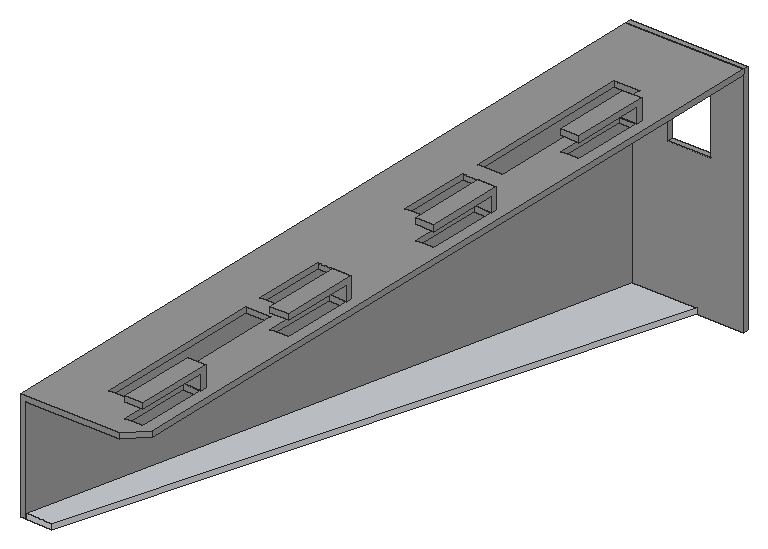
Revit family "MWAG 12 21 A2", category Generic Models, Revit 2017
Family settings
  Can host rebar = No
  Round Connector Dimension = Use Diameter
  Part Type = Normal
  Work Plane-Based = No
  Always vertical = Yes
  Cut with Voids When Loaded = No
  Shared = No
  Room Calculation Point = No
Parameters (values of type "MWAG 12 21 A2")
  URL = "http://www.obo-bettermann.com"
  Material = Edelstahl, rostfrei 1.4301 [117]
  Manufacturer Art.No. = "6424402"
  Manufacturer = "OBO BETTERMANN"
  GTIN = ""
  Cut's number = 4
  Article Type = "MWAG 12 21 A2"
Reference planes
  plane 1 "Center (Front/Back)": y = 0
  plane 2: z = 0
  plane 3 "Center (Left/Right)": x = 0
  plane 4: z = 65.3
  plane 5: y = -1.5
  plane 6: y = -210
  plane 7: z = 34.6
  plane 8: x = 8.8
  plane 9: x = 19.5
  plane 10: z = 59
  plane 11: x = 17.494
  plane 12: y = -197
  plane 13: x = 17.494
  plane 14: y = -145.023
  plane 15: y = -110.023
  plane 16: y = -183
  plane 17: x = 26.994
  plane 18: x = 24.456
  plane 19: x = 29.45
  plane 20: y = -133
  plane 21: y = -83
  plane 22: y = -33
Forms (mm)
  Extrusion 1, solid, material "Edelstahl, rostfrei 1.4301 [117]" <- "Material"
    sketch origin (0, 0, 0) x (1, 0, 0) y (0, 0, 1)
      loop
        line (0, 0) -> (32.494, 0) -> (32.494, 65) -> (0, 65) -> (0, 0)
    from 0 to 1.5
  Extrusion 2, solid, material "Edelstahl, rostfrei 1.4301 [117]" <- "Material"
    sketch origin (0, 0, 0) x (1, 0, 0) y (0, 0, 1)
      loop
        line (0, 65) -> (0, 0) -> (1.5, 0) -> (1.5, 63.5) -> (32.494, 63.5) -> (32.494, 65) -> (0, 65)
    from 1.5 to 210
  Extrusion 3, void
    sketch origin (0, 0, 0) x (0, 1, 0) y (0, 0, 1)
      loop
        line (-210, 34.6) -> (-210, 0) -> (-1.5, 0) -> (-210, 34.6)
    from 0 to 1.5
  Extrusion 4, solid
    sketch origin (0, 0, 0) x (0, 1, 0) y (0, 0, 1)
      loop
        line (-1.5, 0) -> (-1.5, 1.521) -> (-210, 36.121) -> (-210, 34.6) -> (-1.5, 0)
    from 1.5 to 32.494
  Extrusion 5, void
    sketch origin (0, 0, 0) x (1, 0, 0) y (0, 1, 0)
      loop
        line (19.5, -1.5) -> (8.8, -210) -> (32.494, -210) -> (32.494, -1.5) -> (19.5, -1.5)
    from 0 to 36.673
  Extrusion 6, void
    sketch origin (0, 0, 0) x (1, 0, 0) y (0, 0, 1)
      loop
        line (11.494, 59) -> (11.494, 40) -> (23.494, 40) -> (23.494, 59) -> (11.494, 59)
    from 0 to 1.5
  Extrusion 7, void
    sketch origin (0, 0, 0) x (1, 0, 0) y (0, 1, 0)
      loop
        line (13.994, -197) -> (20.994, -197) -> (20.994, -150.023) -> (13.994, -150.023) -> (13.994, -197)
      loop
        line (13.994, -145.023) -> (20.994, -145.023) -> (20.994, -125.023) -> (13.994, -125.023) -> (13.994, -145.023)
      loop
        line (13.994, -23.047) -> (13.994, -70.023) -> (20.994, -70.023) -> (20.994, -23.047) -> (13.994, -23.047)
      loop
        line (13.994, -75.023) -> (13.994, -95.023) -> (20.994, -95.023) -> (20.994, -75.023) -> (13.994, -75.023)
    from 63.5 to 65
  Extrusion 8, solid, material "Edelstahl, rostfrei 1.4301 [117]" <- "Material"
    sketch origin (0, 0, 0) x (0, 1, 0) y (0, 0, 1)
      loop
        line (-183, 65) -> (-183, 70.609) -> (-204.507, 70.609) -> (-204.507, 69.109) -> (-184.519, 69.109) -> (-184.519, 65) -> (-183, 65)
    from 24.456 to 29.45
  Extrusion 9, solid, material "Edelstahl, rostfrei 1.4301 [117]" <- "Material"
    sketch origin (0, 50, 0) x (0, 1, 0) y (0, 0, 1)
      loop
        line (-183, 65) -> (-183, 70.609) -> (-204.507, 70.609) -> (-204.507, 69.109) -> (-184.519, 69.109) -> (-184.519, 65) -> (-183, 65)
    from 24.456 to 29.45
  Extrusion 10, solid, material "Edelstahl, rostfrei 1.4301 [117]" <- "Material"
    sketch origin (0, 100, 0) x (0, 1, 0) y (0, 0, 1)
      loop
        line (-183, 65) -> (-183, 70.609) -> (-204.507, 70.609) -> (-204.507, 69.109) -> (-184.519, 69.109) -> (-184.519, 65) -> (-183, 65)
    from 24.456 to 29.45
  Extrusion 11, solid, material "Edelstahl, rostfrei 1.4301 [117]" <- "Material"
    sketch origin (0, 150, 0) x (0, 1, 0) y (0, 0, 1)
      loop
        line (-183, 65) -> (-183, 70.609) -> (-204.507, 70.609) -> (-204.507, 69.109) -> (-184.519, 69.109) -> (-184.519, 65) -> (-183, 65)
    from 24.456 to 29.45
  Extrusion 12, void
    sketch origin (0, 0, 0) x (1, 0, 0) y (0, 1, 0)
      loop
        line (24.456, -184.519) -> (24.456, -204.507) -> (29.45, -204.507) -> (29.45, -184.519) -> (24.456, -184.519)
    from 63.5 to 65
  Extrusion 13, void
    sketch origin (0, 50, 0) x (1, 0, 0) y (0, 1, 0)
      loop
        line (24.456, -184.519) -> (24.456, -204.507) -> (29.45, -204.507) -> (29.45, -184.519) -> (24.456, -184.519)
    from 63.5 to 65
  Extrusion 14, void
    sketch origin (0, 100, 0) x (1, 0, 0) y (0, 1, 0)
      loop
        line (24.456, -184.519) -> (24.456, -204.507) -> (29.45, -204.507) -> (29.45, -184.519) -> (24.456, -184.519)
    from 63.5 to 65
  Extrusion 15, void
    sketch origin (0, 150, 0) x (1, 0, 0) y (0, 1, 0)
      loop
        line (24.456, -184.519) -> (24.456, -204.507) -> (29.45, -204.507) -> (29.45, -184.519) -> (24.456, -184.519)
    from 63.5 to 65
  Extrusion 16, void
    sketch origin (0, 0, 0) x (1, 0, 0) y (0, 1, 0)
      loop
        line (32.494, -210) -> (32.494, -205) -> (27.494, -210) -> (32.494, -210)
    from 63.5 to 65
Cuts and joins
  Extrusion 3, Extrusion 5, Extrusion 7, Extrusion 12, Extrusion 13, Extrusion 14, Extrusion 15, Extrusion 16 cuts Extrusion 2
  Extrusion 5, Extrusion 6 cuts Extrusion 1
  Extrusion 5, Extrusion 7 cuts Extrusion 4
  Extrusion 12 cuts Extrusion 8
Dimensions and locks
  locked: plane 4 to level at 65.3
  locked: plane 1 "Center (Front/Back)" to Extrusion 1 at 1.5
  locked: Extrusion 1 to Extrusion 2 sketch curve at 1.5  (x2)
  Extrusion 1 to Extrusion 1 = 32.494 mm
  Extrusion 1 to Extrusion 1 = 65 mm
  locked: plane 1 "Center (Front/Back)" to plane 6 at 210
  locked: Extrusion 2 to plane 7 at 30.4
  locked: cut or joined group 1 (Extrusion 2, Extrusion 3, Extrusion 5, Extrusion 7, Extrusion 12, Extrusion 13, Extrusion 14, Extrusion 15, Extrusion 16) to plane 8 at 8.8
  locked: plane 3 "Center (Left/Right)" to plane 9 at 19.5
  locked: cut or joined group 1 to plane 10 at 6
  locked: cut or joined group of Extrusion 1, Extrusion 5, Extrusion 6 to plane 11 at 15
  locked: Extrusion 6 sketch curve to Extrusion 6 sketch curve at 19
  Extrusion 6 sketch curve to Extrusion 6 sketch curve = 12 mm
  locked: Extrusion 6 sketch curve to Extrusion 6 sketch curve at 12
  locked: plane 11 to Extrusion 6 sketch curve at 6
  locked: plane 13 to cut or joined group 1 at 15
  locked: Extrusion 7 sketch curve to Extrusion 7 sketch curve at 7  (x4)
  locked: Extrusion 7 sketch curve to plane 13 at 3.5
  locked: Extrusion 7 sketch curve to Extrusion 7 sketch curve at 46.977  (x2)
  locked: Extrusion 7 sketch curve to Extrusion 7 sketch curve at 20  (x2)
  locked: Extrusion 7 sketch curve to plane 14 at 20
  plane 15 to Extrusion 7 sketch curve = 15 mm
  locked: plane 15 to Extrusion 7 sketch curve at 15
  locked: Extrusion 8 sketch curve to Extrusion 8 sketch curve at 21.507
  locked: plane 17 to cut or joined group 1 at 5.5
  locked: Extrusion 9 sketch curve to Extrusion 9 sketch curve at 21.507
  locked: Extrusion 10 sketch curve to Extrusion 10 sketch curve at 21.507
  locked: Extrusion 11 sketch curve to Extrusion 11 sketch curve at 21.507
  Extrusion 8 to Extrusion 8 = 19.989 mm
  Extrusion 8 to Extrusion 8 = 4.994 mm
  equal spacing: group 1, group 2, group 3, group 4  (x3)
  aligned and locked: level to plane 2
  aligned and locked: Extrusion 1 sketch curve to level
  aligned and locked: Extrusion 1 to plane 5
  aligned and locked: Extrusion 2 sketch curve to Extrusion 1
  aligned and locked: plane 2 to Extrusion 2 sketch curve
  aligned and locked: plane 6 to Extrusion 2
  aligned and locked: Extrusion 3 sketch curve to plane 6
  aligned and locked: Extrusion 3 to plane 3 "Center (Left/Right)"
  aligned and locked: Extrusion 3 to Extrusion 2
  aligned and locked: Extrusion 2 to Extrusion 1
  aligned and locked: Extrusion 4 sketch curve to cut or joined group 1
  aligned and locked: Extrusion 4 sketch curve to Extrusion 1
  aligned and locked: plane 6 to Extrusion 4
  aligned and locked: Extrusion 4 to Extrusion 1
  aligned and locked: Extrusion 4 to cut or joined group 1
  aligned and locked: Extrusion 3 to level
  aligned and locked: Extrusion 6 to plane 1 "Center (Front/Back)"
  aligned and locked: Extrusion 1 to Extrusion 6
  aligned and locked: Extrusion 2 to Extrusion 7  (x2)
  aligned and locked: Extrusion 8 to plane 19
  aligned and locked: Extrusion 8 to plane 18
  aligned and locked: Extrusion 2 to Extrusion 12  (x2)
  aligned and locked: Extrusion 2 to Extrusion 16
  aligned and locked: Extrusion 16 to Extrusion 2
Automatic sketch dimensions
  Extrusion 1 sketch curve to plane 3 "Center (Left/Right)" = 0 mm
  Extrusion 1 sketch curve to plane 4 = 0.3 mm
  plane 19 to Extrusion 1 sketch curve = 3.044 mm
  Extrusion 2 sketch curve to plane 3 "Center (Left/Right)" = 0 mm
  Extrusion 2 sketch curve to Extrusion 2 sketch curve = 1.5 mm
  Extrusion 3 sketch curve to level = 0 mm
  Extrusion 3 sketch curve to plane 5 = 0 mm
  Extrusion 3 sketch curve to plane 7 = 0 mm
  Extrusion 4 sketch curve to level = 0 mm
  level to Extrusion 4 sketch curve = 1.521 mm
  level to Extrusion 4 sketch curve = 34.6 mm
  Extrusion 4 sketch curve to Extrusion 4 sketch curve = 1.521 mm
  plane 6 to Extrusion 5 sketch curve = 0 mm
  Extrusion 5 sketch curve to plane 8 = 0 mm
  plane 5 to Extrusion 5 sketch curve = 0 mm
  Extrusion 5 sketch curve to plane 9 = 0 mm
  plane 19 to Extrusion 5 sketch curve = 3.044 mm
  Extrusion 6 sketch curve to plane 10 = 0 mm
  Extrusion 7 sketch curve to plane 12 = 0 mm
  Extrusion 7 sketch curve to plane 13 = 3.5 mm  (x3)
  Extrusion 7 sketch curve to Extrusion 7 sketch curve = 5 mm
  Extrusion 8 sketch curve to plane 16 = 0 mm
  plane 16 to Extrusion 8 sketch curve = 1.519 mm
  Extrusion 8 sketch curve to Extrusion 8 sketch curve = 4.109 mm
  Extrusion 8 sketch curve to Extrusion 8 sketch curve = 1.5 mm
  Extrusion 10 sketch curve to plane 21 = 0 mm
  plane 21 to Extrusion 10 sketch curve = 1.519 mm
  Extrusion 10 sketch curve to Extrusion 10 sketch curve = 4.109 mm
  Extrusion 10 sketch curve to Extrusion 10 sketch curve = 1.5 mm
  Extrusion 11 sketch curve to plane 22 = 0 mm
  plane 22 to Extrusion 11 sketch curve = 1.519 mm
  Extrusion 11 sketch curve to Extrusion 11 sketch curve = 4.109 mm
  Extrusion 11 sketch curve to Extrusion 11 sketch curve = 1.5 mm
  Extrusion 9 sketch curve to plane 20 = 0 mm
  plane 20 to Extrusion 9 sketch curve = 1.519 mm
  Extrusion 9 sketch curve to Extrusion 9 sketch curve = 4.109 mm
  Extrusion 9 sketch curve to Extrusion 9 sketch curve = 1.5 mm
  Extrusion 12 sketch curve to Extrusion 12 sketch curve = 19.989 mm
  Extrusion 12 sketch curve to Extrusion 12 sketch curve = 4.994 mm
  Extrusion 13 sketch curve to Extrusion 13 sketch curve = 19.989 mm
  Extrusion 13 sketch curve to Extrusion 13 sketch curve = 4.994 mm
  Extrusion 14 sketch curve to Extrusion 14 sketch curve = 19.989 mm
  Extrusion 14 sketch curve to Extrusion 14 sketch curve = 4.994 mm
  Extrusion 15 sketch curve to Extrusion 15 sketch curve = 19.989 mm
  Extrusion 15 sketch curve to Extrusion 15 sketch curve = 4.994 mm
  plane 6 to Extrusion 16 sketch curve = 0 mm
  plane 17 to Extrusion 16 sketch curve = 0.5 mm
  plane 19 to Extrusion 16 sketch curve = 3.044 mm
  Extrusion 16 sketch curve to plane 6 = 5 mm
  level to Extrusion 9 sketch curve = 65 mm
  level to Extrusion 8 sketch curve = 65 mm
  level to Extrusion 10 sketch curve = 65 mm
  level to Extrusion 11 sketch curve = 65 mm
